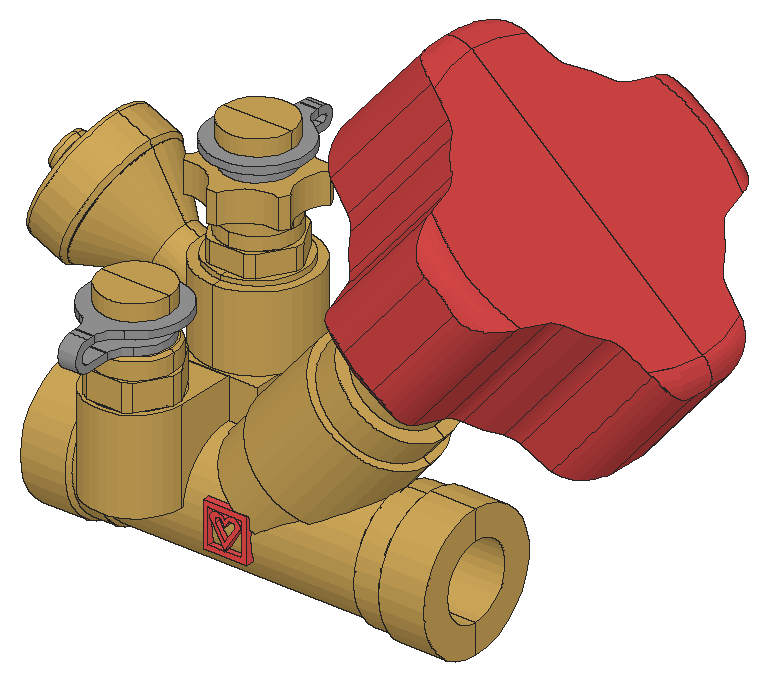
Revit family "HERZ Strömax Балансировочный клапан с измерительной диафрагмой 4017 ML", category Rohrzubehör, Revit 2018
Family settings
  Bemaßung runder Anschluss = Durchmesser verwenden
  Teiletyp = Unterbricht
  OmniClass-Nummer = 23.65.55.14
  OmniClass-Titel = Valves for Liquid Services
  Arbeitsebenenbasiert = Nein
  Immer vertikal = Ja
  Beim Laden mit Abzugskörper schneiden = Nein
  Gemeinsam genutzt = Nein
Parameters
  Среда = "Качество теплоносителя должно соответствовать требованиям ONORM H 5195, VDI 2035.\r\nДопускается использование смеси этилен- пропиленгликоля в процентном соотношении 25-50% с водой."
  Область применения = "Балансировочные клапаны применяются для гидравлической балансировки систем отопления и охлаждения, регулировки магистральных трубопроводов, стояков, теплообменников, регистров отопления и охлаждения."
  Номер заказа [instance] = size_lookup("4017_ML_", "Artnr", 0, Nennweite)  # 1401731
  Макс. рабочее давление = 2000000.0 Pa  # constant formula
  Макс. рабочая температура = 130 °C  # constant formula
  Макс. перепад давления на закрытом седле = 1000000.0 Pa  # constant formula
  Корпус = "латунь, устойчивая к селективной цинковой коррозии"  # constant formula
  Исполнение = "Балансировочный клапан ГЕРЦ 4017ML с измерительной диафрагмой и возможностью подключения импульсной трубки и двумя измерительными клапанами для измерений перепадов давления наклонный неподнимающийся шпиндель, муфта х муфта, без покрытия, фиксированная воспроизводимая предварительная настройка, показания преднастройки считываются в окошке маховика, с обеих сторон резьбовые муфты, уплотнение шпинделя при помощи тройных уплотнительных колец O-Ring."
  kvs-значения [instance] = if(Nennweite = 15.000 mm, 2, if(Nennweite = 20.000 mm, 3.6, if(Nennweite = 25.000 mm, 6.5, if(Nennweite = 32.000 mm, 13.3, if(Nennweite = 40.000 mm, 18.5, if(Nennweite = 50.000 mm, 33, 0))))))  # 2
  kv-диафрагмы [instance] = if(Nennweite = 15.000 mm, 1.95, if(Nennweite = 20.000 mm, 3.95, if(Nennweite = 25.000 mm, 7.9, if(Nennweite = 32.000 mm, 15.75, if(Nennweite = 40.000 mm, 21.5, if(Nennweite = 50.000 mm, 46.7, 0))))))  # 1.95
  W01 = 50.00°  # constant formula
  URL = "www.herz-armaturen.ru"
  SW01 = 60.00°  # constant formula
  SCRNSEQ = "ARM;ARM_TYP=\"STRV\";2"
  SCRNCODE = "05;07;02"  # constant formula
  S03 = 60.000 mm  # constant formula
  S02 [instance] = L04 + L06 + L07  # 76.800 mm
  S01 [instance] = D01 * 2  # 27.000 mm
  R03 = 21.500 mm  # constant formula
  R02 = 9.500 mm  # constant formula
  R01 = 12.000 mm  # constant formula
  L10 [instance] = size_lookup("4017_ML_", "L10", 1.000 mm, Nennweite)  # 28.500 mm
  L09 [instance] = size_lookup("4017_ML_", "L9", 1.000 mm, Nennweite)  # 22.500 mm
  L08 [instance] = size_lookup("4017_ML_", "L8", 1.000 mm, Nennweite)  # 12.700 mm
  L07 [instance] = size_lookup("4017_ML_", "L7", 1.000 mm, Nennweite)  # 35.100 mm
  L06 [instance] = size_lookup("4017_ML_", "L6", 1.000 mm, Nennweite)  # 6.500 mm
  L05 [instance] = size_lookup("4017_ML_", "L5", 1.000 mm, Nennweite)  # 20.200 mm
  L04 [instance] = size_lookup("4017_ML_", "L4", 1.000 mm, Nennweite)  # 35.200 mm
  L03 [instance] = size_lookup("4017_ML_", "L3", 1.000 mm, Nennweite)  # 1.000 mm
  H03 [instance] = H01 - 19.000 mm  # 1.000 mm
  H02 = 13.000 mm  # constant formula
  E01 [instance] = L00 / -2  # -41.500 mm
  E00 = 0.000 mm  # constant formula
  D09 [instance] = size_lookup("4017_ML_", "D9", 1.000 mm, Nennweite)  # 11.750 mm
  D08 [instance] = size_lookup("4017_ML_", "D8", 1.000 mm, Nennweite)  # 9.500 mm
  D07 [instance] = size_lookup("4017_ML_", "D7", 1.000 mm, Nennweite)  # 12.000 mm
  D06 [instance] = size_lookup("4017_ML_", "D6", 1.000 mm, Nennweite)  # 13.500 mm
  D05 [instance] = size_lookup("4017_ML_", "D5", 1.000 mm, Nennweite)  # 12.500 mm
  D04 [instance] = Nennweite / 2  # 7.500 mm
  IG [instance] = Nennweite / 2  # 7.500 mm
  D03 [instance] = size_lookup("4017_ML_", "D3", 1.000 mm, Nennweite)  # 11.900 mm
  D02 [instance] = size_lookup("4017_ML_", "D2", 1.000 mm, Nennweite)  # 12.700 mm
  D01 [instance] = size_lookup("4017_ML_", "D1", 1.000 mm, Nennweite)  # 13.500 mm
  Nennweite [instance] = 15.000 mm
  L02 [instance] = size_lookup("4017_ML_", "L2", 1.000 mm, Nennweite)  # 5.000 mm
  L01 [instance] = size_lookup("4017_ML_", "L1", 1.000 mm, Nennweite)  # 9.250 mm
  L00 [instance] = size_lookup("4017_ML_", "L", 1.000 mm, Nennweite)  # 83.000 mm
  Hersteller = "HERZ Armaturen Ges.m.b.H."  # constant formula
  H01 [instance] = size_lookup("4017_ML_", "H1", 1.000 mm, Nennweite)  # 20.000 mm
  GT [instance] = size_lookup("4017_ML_", "GT", 1.000 mm, Nennweite)  # 13.200 mm
  DN50 [instance] = Nennweite = 50.000 mm  # no
  DN40 [instance] = Nennweite = 40.000 mm  # no
  DN32 [instance] = Nennweite = 32.000 mm  # no
  DN25 [instance] = Nennweite = 25.000 mm  # no
  DN20 [instance] = Nennweite = 20.000 mm  # no
  DN15 [instance] = Nennweite = 15.000 mm  # yes
Reference planes
  plane 1 "Mitte (Vorne/hinten)": y = 0
  plane 2: z = 0
  plane 3 "Mitte (Links/rechts)": x = 0
Forms (mm)
  Revolve 1, solid, material "Messing, weicher Gelbton, geschweißt", detail levels fine
    sketch origin (470, 0, 0) x (1, 0, 0) y (0, 0, 1)
      loop
        line (-511.5, 7.5) -> (-498.3, 7.5) -> (-498.3, 0) -> (-441.7, 0) -> (-441.7, 7.5) -> (-428.5, 7.5) -> (-428.5, 13.5) -> (-437.75, 13.5) -> (-438.421, 12.7) -> (-443.421, 12.7) -> (-444.093, 11.9) -> (-495.907, 11.9) -> (-496.579, 12.7) -> (-501.579, 12.7) -> (-502.25, 13.5) -> (-511.5, 13.5) -> (-511.5, 7.5)
      axis (-511.5, 0) -> (-428.5, 0)
    angle from 0 to 360
  Revolve 2, solid, material "Messing, weicher Gelbton, geschweißt", detail levels fine
    sketch origin (0.32, 0, -0.105) x (1, 0, 0) y (0, 0, 1)
      loop
        line (-1.32, 0.105) -> (48.046, 58.937) -> (39.045, 66.49) -> (30.882, 56.761) -> (32.605, 55.315) -> (18.207, 38.155) -> (16.292, 39.762) -> (12.114, 34.783) -> (10.964, 35.747) -> (-2.02, 20.273) -> (-1.254, 19.63) -> (-7.652, 12.005) -> (-7.065, 4.926) -> (-1.32, 0.105)
      axis (-1.32, 0.105) -> (48.046, 58.937)
    angle from 0 to 360
  Extrusion 3, solid, material "Messing, weicher Gelbton, geschweißt", detail levels fine
    sketch origin (0, 0, 0) x (1, 0, 0) y (0, 1, 0)
      loop
        arc (-28.5, -12) -> (-19, -21.5) -> (-9.5, -12) r 9.5
        line (-9.5, -12) -> (-9.5, 0) -> (-28.5, 0) -> (-28.5, -12)
    from 1 <- "H03" to 20 <- "H01"
  Extrusion 4, solid, material "Messing, weicher Gelbton, geschweißt", detail levels fine
    sketch origin (0, 0, 0) x (1, 0, 0) y (0, 1, 0)
      loop
        line (-22.5, 12) -> (-22.5, 0) -> (-3.5, 0) -> (-3.5, 12)
        arc (-3.5, 12) -> (-13, 21.5) -> (-22.5, 12) r 9.5
    from 0 to 20 <- "H01"
  Extrusion 5, void
    sketch origin (0, 0, 0) x (1, 0, 0) y (0, 0, 1)
      loop
        line (55, 0) -> (80, 0) -> (80, 73) -> (55, 73) -> (55, 0)
    from 55 to -55
Cuts and joins
  Extrusion 5 cuts Revolve 2
Lines and regions (mm)
  model lines, detail levels coarse+medium
    curve 1: line (-41.5, 0, 13.5) -> (-41.5, 0, -13.5)
    curve 2: line (-41.5, 0, -13.5) -> (41.5, 0, 13.5)
    curve 3: line (41.5, 0, 13.5) -> (41.5, 0, -13.5)
    curve 4: line (41.5, 0, -13.5) -> (-41.5, 0, 13.5)
    curve 5: line (0, 0, 0) -> (38.4, 0, 66.511)
    curve 6: line (12.419, 0, 81.511) -> (64.381, 0, 51.511)
    curve 7: line (-41.5, -13.5, 0) -> (-41.5, 13.5, 0)
    curve 8: line (-41.5, 13.5, 0) -> (41.5, -13.5, 0)
    curve 9: line (41.5, -13.5, 0) -> (41.5, 13.5, 0)
    curve 10: line (41.5, 13.5, 0) -> (-41.5, -13.5, 0)
    curve 11: line (0, 0, 0) -> (38.4, 66.511, 0)
    curve 12: line (12.419, 81.511, 0) -> (64.381, 51.511, 0)
Dimensions and locks
  "L00": Revolve 1 sketch curve to Revolve 1 sketch curve
  equal spacing: Revolve 1 sketch curve, plane 3 "Mitte (Links/rechts)", Revolve 1 sketch curve
  "D01": Revolve 1 sketch curve to Revolve 1 sketch curve  (x2)
  "GT": Revolve 1 sketch curve to Revolve 1 sketch curve  (x2)
  "D06": Revolve 2 sketch curve to Revolve 2 sketch curve
  "D07": Revolve 2 sketch curve to Revolve 2 sketch curve
  "D08": Revolve 2 sketch curve to Revolve 2 sketch curve
  "D09": Revolve 2 sketch curve to Revolve 2 sketch curve
  equal spacing: curve 1, plane 3 "Mitte (Links/rechts)", curve 3
  "L00": curve 1 to curve 3
  equal spacing: curve 4, plane 2, curve 2
  "S01": curve 4 to curve 1
  "S01": curve 3 to curve 4
  equal spacing: curve 3, plane 2, curve 4
  "S02": curve 5 to curve 5
  equal spacing: curve 6, curve 5, curve 6
  "S03": curve 6 to curve 6
  equal spacing: curve 7, plane 3 "Mitte (Links/rechts)", curve 9
  "L00": curve 7 to curve 9
  equal spacing: curve 10, plane 1 "Mitte (Vorne/hinten)", curve 8
  "S01": curve 8 to curve 10
  equal spacing: curve 9, plane 1 "Mitte (Vorne/hinten)", curve 10
  "S01": curve 10 to curve 9
  "S02": curve 11 to curve 11
  equal spacing: curve 12, curve 11, curve 12
  "S03": curve 12 to curve 12
  "L01": Revolve 1 sketch curve to Revolve 1 sketch curve  (x2)
  "D02": Revolve 1 sketch curve to plane 2  (x2)
  "D03": Revolve 1 sketch curve to plane 2
  "IG": Revolve 1 sketch curve to plane 2  (x2)
  "L02": Revolve 1 sketch curve to Revolve 1 sketch curve  (x2)
  "L04": Revolve 2 sketch curve to Revolve 2 sketch curve
  "L05": Revolve 2 sketch curve to Revolve 2 sketch curve
  "D03": Revolve 2 sketch curve to plane 2
  "L06": Revolve 2 sketch curve to Revolve 2 sketch curve
  "L08": Revolve 2 sketch curve to Revolve 2 sketch curve
  "L07": Revolve 2 sketch curve to Revolve 2 sketch curve
  "D04": Revolve 2 sketch curve to Revolve 2 sketch curve
  "D05": Revolve 2 sketch curve to Revolve 2 sketch curve
  "L03": plane 3 "Mitte (Links/rechts)" to Revolve 2 sketch curve  (x2)
  "D03": nested 1 to plane 1 "Mitte (Vorne/hinten)"
  "L09": Revolve 1 to Extrusion 3 sketch curve
  "R01": Extrusion 3 sketch curve to plane 1 "Mitte (Vorne/hinten)"
  "R01": plane 1 "Mitte (Vorne/hinten)" to Extrusion 4 sketch curve
  "L10": Revolve 1 to Extrusion 4 sketch curve
  "H01": nested 2 to plane 2
  "R01": nested 2 to plane 1 "Mitte (Vorne/hinten)"
  "L09": Revolve 1 to nested 2
  Extrusion 5 sketch curve to plane 3 "Mitte (Links/rechts)" = 55.000 mm
  Extrusion 5 sketch curve to Extrusion 5 sketch curve = 25.000 mm
  Extrusion 5 sketch curve to plane 2 = 73.000 mm
  "L10": Revolve 1 to nested 9
  "R01": plane 1 "Mitte (Vorne/hinten)" to nested 9
  "H01": nested 9 to plane 2
  "R02": radius of Extrusion 3 sketch curve
  "R02": radius of Extrusion 4 sketch curve
  "W01": angle level to Revolve 2 sketch curve
  "SW01": angle plane 2 to curve 5
  "SW01": angle plane 1 "Mitte (Vorne/hinten)" to curve 11
  "W01": angle Revolve 1 sketch curve to Revolve 1 sketch curve  (x4)
  "W01": angle plane 2 to Revolve 2 sketch curve
  aligned and locked: level to plane 2
Automatic sketch dimensions
  Extrusion 5 sketch curve to level = 0.000 mm
  curve 5 to level = 0.000 mm
  plane 1 "Mitte (Vorne/hinten)" to curve 11 = 0.000 mm
  Revolve 1 sketch curve to level = 0.000 mm  (x2)
  Revolve 1 sketch curve to Revolve 1 sketch curve = 791.990 mm
  Revolve 1 sketch curve to Revolve 1 sketch curve = 2278.983 mm
  Revolve 2 sketch curve to level = 0.000 mm  (x2)
  plane 1 "Mitte (Vorne/hinten)" to Extrusion 3 sketch curve = 0.000 mm
  plane 1 "Mitte (Vorne/hinten)" to Extrusion 4 sketch curve = 0.000 mm
Nested families
  nested 1: "Herz-Logo-vorne" at (0, -11.9, 0) x (0, 1, 0) z (0, 0, 1), type "Herz-Logo-vorne", detail levels fine
  nested 2: "Messstutzen_Band_Eintritt_senkrecht_(oben)" at (-19, -12, 2.5) x (-1, 0, 0) z (0, 0, 1), type "Messstutzen_Band_Eintritt_senkrecht_(oben)", detail levels fine
    with Schutzkappe yes, Nennweite 0.000 mm, Gewicht 0.00 kg, Bestellnummer 0
  nested 3: "Strangregulierventil-Handrad (Rot) DN15-DN32" at (48.366, 0, 58.832), visible <- "DN15", type "Strangregulierventil-Handrad (Rot) DN15-DN32"
    with Nennweite 0.000 mm, Gewicht 0.00 kg, Bestellnummer 0
  nested 4: "Strangregulierventil-Handrad (Rot) DN15-DN32" at (50.13, 0, 62.126), visible <- "DN20", type "Strangregulierventil-Handrad (Rot) DN15-DN32"
    with Nennweite 0.000 mm, Gewicht 0.00 kg, Bestellnummer 0
  nested 5: "Strangregulierventil-Handrad (Rot) DN15-DN32" at (55.886, 0, 73.157), visible <- "DN25", type "Strangregulierventil-Handrad (Rot) DN15-DN32"
    with Nennweite 0.000 mm, Gewicht 0.00 kg, Bestellnummer 0
  nested 6: "Strangregulierventil-Handrad (Rot) DN15-DN32" at (60.493, 0, 82.58), visible <- "DN32", type "Strangregulierventil-Handrad (Rot) DN15-DN32"
    with Nennweite 0.000 mm, Gewicht 0.00 kg, Bestellnummer 0
  nested 7: "Strangregulierventil-Handrad (Rot) DN40-DN50" at (68.72, 0, 95.602), visible <- "DN40", type "Strangregulierventil-Handrad (Rot) DN40-DN50"
    with Nennweite 0.000 mm, Gewicht 0.00 kg, Bestellnummer 0
  nested 8: "Strangregulierventil-Handrad (Rot) DN40-DN50" at (66.762, 0, 99.586), visible <- "DN50", type "Strangregulierventil-Handrad (Rot) DN40-DN50"
    with Nennweite 0.000 mm, Gewicht 0.00 kg, Bestellnummer 0
  nested 9: "Messstutzen_Band-KFE_Austritt_senkrecht_(oben)" at (-13, 12, 24.41), type "Messstutzen_Band-KFE_Austritt_senkrecht_(oben)", detail levels fine
    with Schutzkappe yes, Nennweite 0.000 mm, Gewicht 0.00 kg, Bestellnummer 0
Connectors
  piping at (-28.3, 0, 0), diameter 15, driven by "Nennweite"
    settings: on Revolve 1, index 1, connector inside diameter 609.6 mm, connector length 0.000 mm, flow factor 0, pipe flow 0.0 L/s, pressure drop 0.0 Pa, fitting loss kfactor 0, connector angle 0.00°, fixture units 0, engagement length 0.000 mm, angle of deflection 0.00°, flow configuration 0, flow direction 1, fitting loss method 0, system type 29, joint type 0, gender type 0, connector reference index -1, connector utility 0, adjustable connector no, is connector primary yes, connector description ""
  piping at (28.3, 0, 0), diameter 15, driven by "Nennweite"
    settings: on Revolve 1, index 2, connector inside diameter 609.6 mm, connector length 0.000 mm, flow factor 0, pipe flow 0.0 L/s, pressure drop 0.0 Pa, fitting loss kfactor 0, connector angle 0.00°, fixture units 0, engagement length 0.000 mm, angle of deflection 0.00°, flow configuration 0, flow direction 2, fitting loss method 0, system type 29, joint type 0, gender type 0, connector reference index -1, connector utility 0, adjustable connector no, is connector primary no, connector description ""
Definition of nested family "Herz-Logo-vorne"
  Reference planes
    plane 1 "Mitte (Vorne/hinten)": y = 0
    plane 2: z = 0
    plane 3 "Mitte (Links/rechts)": x = 0
  Forms (mm)
    Extrusion 1, solid
      sketch origin (0.732, -0.018, 0.017) x (0, -1, 0) y (0, 0, 1)
        loop
          line (-0.018, -4.517) -> (4.482, -4.517) -> (4.482, 4.483) -> (-4.518, 4.483) -> (-4.518, -4.517) -> (-0.018, -4.517)
        loop
          line (-0.05, -3.48) -> (3.482, -3.48) -> (3.482, 3.483) -> (-3.518, 3.483) -> (-3.518, -3.48) -> (-0.05, -3.48)
        loop
          arc (-0.018, 2.383) -> (-1.543, 3.287) -> (-3.067, 2.383) r 1.738
          arc (-3.067, 2.383) -> (-3.191, 1.899) -> (-3.067, 1.415) r 1.009
          line (-3.067, 1.415) -> (-0.018, -3.281) -> (3.032, 1.415)
          arc (3.032, 1.415) -> (3.156, 1.899) -> (3.032, 2.383) r 1.009
          arc (3.032, 2.383) -> (1.507, 3.287) -> (-0.018, 2.383) r 1.738
        loop
          arc (1.885, 1.272) -> (2.005, 1.675) -> (1.885, 2.079) r 0.74
          arc (1.885, 2.079) -> (1.265, 2.416) -> (0.644, 2.079) r 0.74
          line (0.644, 2.079) -> (-0.018, 0.97) -> (-0.679, 2.079)
          arc (-0.679, 2.079) -> (-1.3, 2.416) -> (-1.921, 2.079) r 0.74
          arc (-1.921, 2.079) -> (-2.04, 1.675) -> (-1.921, 1.272) r 0.74
          line (-1.921, 1.272) -> (-0.018, -1.658) -> (1.885, 1.272)
      from 0 to 1.5
  Dimensions and locks
    aligned and locked: level to plane 2
Definition of nested family "Messstutzen_Band_Eintritt_senkrecht_(oben)"
  Parameters (values of type "Messstutzen_Band_Eintritt_senkrecht_(oben)")
    URL = "www.herz-armaturen.at"
    Schutzkappe [instance] = yes
    Nennweite [instance] = 0.000 mm
    Manufacturer = "Herz Armaturen GmbH"  # constant formula
    Gewicht [instance] = 0.00 kg
    Bestellnummer [instance] = 0
  Reference planes
    plane 1 "Mitte (Vorne/hinten)": y = 0
    plane 2: z = 0
    plane 3 "Mitte (Links/rechts)": x = 0
    plane 4 "Schlaufe 1": z = -27
    plane 5 "Schlaufe 2": z = -31.678
  Forms (mm)
    Revolve 1, solid, detail levels fine
      sketch origin (0, 0, 0) x (1, 0, 0) y (0, 0, 1)
        loop
          line (-7.4, 9) -> (-5.55, 9) -> (-5.55, 6)
          arc (-5.55, 6) -> (-5.626, 5.617) -> (-5.843, 5.293) r 1
          line (-5.843, 5.293) -> (-6.455, 4.681) -> (-6.455, 0.9) -> (-5.555, 0) -> (-2, 0) -> (-2, 17.5) -> (-8.4, 17.5)
          arc (-8.4, 17.5) -> (-7.693, 17.207) -> (-7.4, 16.5) r 1
          line (-7.4, 16.5) -> (-7.4, 9)
        loop
          line (-3.7, 27) -> (-7.3, 27) -> (-7.9, 26.4) -> (-7.9, 23) -> (-2, 23) -> (-2, 35.8) -> (-3.805, 35.8) -> (-4.415, 35.19) -> (-4.415, 30.863) -> (-3.7, 30.45) -> (-3.7, 27)
        axis (0, 0) -> (0, 35.8)
      angle from 0 to 360
    Extrusion 2, solid, detail levels fine
      sketch origin (0, 0, 17.5) x (0, 1, 0) y (-1, 0, 0)
        loop
          arc (-7.07, 5.156) -> (-7.578, 4.375) -> (-8, 3.544) r 8.75
          line (-8, 3.544) -> (-8, -3.544)
          arc (-8, -3.544) -> (-7.578, -4.375) -> (-7.07, -5.156) r 8.75
          line (-7.07, -5.156) -> (-0.93, -8.7)
          arc (-0.93, -8.7) -> (0, -8.75) -> (0.93, -8.7) r 8.75
          line (0.93, -8.7) -> (7.07, -5.156)
          arc (7.07, -5.156) -> (7.578, -4.375) -> (8, -3.544) r 8.75
          line (8, -3.544) -> (8, 3.544)
          arc (8, 3.544) -> (7.578, 4.375) -> (7.07, 5.156) r 8.75
          line (7.07, 5.156) -> (0.93, 8.7)
          arc (0.93, 8.7) -> (0, 8.75) -> (-0.93, 8.7) r 8.75
          line (-0.93, 8.7) -> (-7.07, 5.156)
      from 0 to 5.5
    Revolve 3, solid, visible <- "Schutzkappe", detail levels fine
      sketch origin (0, 0, 0) x (1, 0, 0) y (0, 0, 1)
        loop
          line (0, 35.878) -> (0, 36.678) -> (-7, 36.678) -> (-7, 33.378) -> (-6.1, 33.378) -> (-6.1, 31.678) -> (-6.9, 31.678) -> (-6.9, 30.178) -> (-4.415, 30.178) -> (-4.415, 35.268) -> (-3.805, 35.878) -> (0, 35.878)
        axis (0, 30.178) -> (0, 36.678)
      angle from 0 to 360
    Extrusion 4, solid, detail levels fine
      sketch origin (0, 0, 28.5) x (1, 0, 0) y (0, 1, 0)
        loop
          circle (0, 0) r 3.7
        loop
          arc (-3.906, 5.505) -> (0, -6.75) -> (3.906, 5.505) r 6.75
          arc (3.906, 5.505) -> (2.358, 7.288) -> (1.8, 9.582) r 5
          line (1.8, 9.582) -> (-1.8, 9.582)
          arc (-1.8, 9.582) -> (-2.358, 7.288) -> (-3.906, 5.505) r 5
      from 0 to -1.5
    Extrusion 5, solid, detail levels fine
      sketch origin (0, 0, 33.178) x (1, 0, 0) y (0, 1, 0)
        loop
          circle (0, 0) r 6.1
        loop
          arc (-4.495, 8.652) -> (0, -9.75) -> (4.495, 8.652) r 9.75
          arc (4.495, 8.652) -> (2.527, 10.493) -> (1.8, 13.089) r 5
          line (1.8, 13.089) -> (-1.8, 13.089)
          arc (-1.8, 13.089) -> (-2.527, 10.493) -> (-4.495, 8.652) r 5
      from 0 to -1.5
    Sweep 6, solid, detail levels fine
      path origin (0, 0, 0) x (0, 0, -1) y (0, -1, 0)
        loop
          line (-27.75, -9.582) -> (-27.75, -14.522)
          arc (-27.75, -14.522) -> (-30.089, -16.862) -> (-32.428, -14.522) r 2.339
          line (-32.428, -14.522) -> (-32.428, -13.089)
      profile origin (0, 12.052, 27.75) x (0, 0, 1) y (1, 0, 0)
        loop
          line (-0.75, -1.8) -> (0.75, -1.8) -> (0.75, 1.8) -> (-0.75, 1.8) -> (-0.75, -1.8)
  Dimensions and locks
    aligned and locked: level to plane 2
Definition of nested family "Strangregulierventil-Handrad (Rot) DN15-DN32"
  Parameters (values of type "Strangregulierventil-Handrad (Rot) DN15-DN32")
    URL = "www.herz-armaturen.at"
    Nennweite [instance] = 0.000 mm
    Manufacturer = "Herz Armaturen GmbH"  # constant formula
    Gewicht [instance] = 0.00 kg
    Bestellnummer [instance] = 0
  Reference planes
    plane 1 "Mitte (Vorne/hinten)": y = 0
    plane 2: z = 0
    plane 3 "Mitte (Links/rechts)": x = 0
  Forms (mm)
    Revolve 1, solid, detail levels fine
      sketch origin (0, 0, 0) x (0.766044, 0, -0.642788) y (0.642788, 0, 0.766044)
        loop
          line (0, 0) -> (0, 24.95) -> (-30.992, 24.95)
          arc (-30.992, 24.95) -> (-34.37, 23.636) -> (-35.973, 20.386) r 5
          line (-35.973, 20.386) -> (-37, 8.65) -> (-35.986, -2.936)
          arc (-35.986, -2.936) -> (-34.383, -6.186) -> (-31.005, -7.5) r 5
          line (-31.005, -7.5) -> (-15, -7.5) -> (-15, 0) -> (0, 0)
        axis (0, 24.95) -> (0, -7.5)
      angle from 0 to 360
    Extrusion 2, void
      sketch origin (13.049, 0, 15.551) x (0.766044, 0, -0.642788) y (0, 1, 0)
        loop
          line (3.861, 35.5) -> (-3.861, 35.5)
          arc (-3.861, 35.5) -> (-8.731, 33.847) -> (-11.589, 29.571) r 8
          line (-11.589, 29.571) -> (-13.284, 23.245)
          arc (-13.284, 23.245) -> (-13.982, 21.722) -> (-15.144, 20.516) r 5
          arc (-15.144, 20.516) -> (-18.031, 18.031) -> (-20.516, 15.144) r 25.5
          arc (-20.516, 15.144) -> (-21.722, 13.982) -> (-23.245, 13.284) r 5
          line (-23.245, 13.284) -> (-29.571, 11.589)
          arc (-29.571, 11.589) -> (-33.847, 8.731) -> (-35.5, 3.861) r 8
          line (-35.5, 3.861) -> (-35.5, -3.861)
          arc (-35.5, -3.861) -> (-33.847, -8.731) -> (-29.571, -11.589) r 8
          line (-29.571, -11.589) -> (-23.245, -13.284)
          arc (-23.245, -13.284) -> (-21.722, -13.982) -> (-20.516, -15.144) r 5
          arc (-20.516, -15.144) -> (-18.031, -18.031) -> (-15.144, -20.516) r 25.5
          arc (-15.144, -20.516) -> (-13.982, -21.722) -> (-13.284, -23.245) r 5
          line (-13.284, -23.245) -> (-11.589, -29.571)
          arc (-11.589, -29.571) -> (-8.731, -33.847) -> (-3.861, -35.5) r 8
          line (-3.861, -35.5) -> (3.861, -35.5)
          arc (3.861, -35.5) -> (8.731, -33.847) -> (11.589, -29.571) r 8
          line (11.589, -29.571) -> (13.284, -23.245)
          arc (13.284, -23.245) -> (13.982, -21.722) -> (15.144, -20.516) r 5
          arc (15.144, -20.516) -> (18.031, -18.031) -> (20.516, -15.144) r 25.5
          arc (20.516, -15.144) -> (21.722, -13.982) -> (23.245, -13.284) r 5
          line (23.245, -13.284) -> (29.571, -11.589)
          arc (29.571, -11.589) -> (33.847, -8.731) -> (35.5, -3.861) r 8
          line (35.5, -3.861) -> (35.5, 3.861)
          arc (35.5, 3.861) -> (33.847, 8.731) -> (29.571, 11.589) r 8
          line (29.571, 11.589) -> (23.245, 13.284)
          arc (23.245, 13.284) -> (21.722, 13.982) -> (20.516, 15.144) r 5
          arc (20.516, 15.144) -> (18.031, 18.031) -> (15.144, 20.516) r 25.5
          arc (15.144, 20.516) -> (13.982, 21.722) -> (13.284, 23.245) r 5
          line (13.284, 23.245) -> (11.589, 29.571)
          arc (11.589, 29.571) -> (8.731, 33.847) -> (3.861, 35.5) r 8
        loop
          circle (0, 0) r 38
      from -31.266 to 7.923
  Cuts and joins
    Extrusion 2 cuts Revolve 1
  Dimensions and locks
    Revolve 1 sketch curve to Revolve 1 sketch curve = 15.000 mm
    Revolve 1 sketch curve to Revolve 1 sketch curve = 16.150 mm
    Revolve 1 sketch curve to Revolve 1 sketch curve = 16.300 mm
    angle Revolve 1 sketch curve to Revolve 1 sketch curve = 95.00°
    aligned and locked: level to plane 2
Definition of nested family "Strangregulierventil-Handrad (Rot) DN40-DN50"
  Parameters (values of type "Strangregulierventil-Handrad (Rot) DN40-DN50")
    URL = "www.herz-armaturen.at"
    Nennweite [instance] = 0.000 mm
    Manufacturer = "Herz Armaturen GmbH"  # constant formula
    Gewicht [instance] = 0.00 kg
    Bestellnummer [instance] = 0
  Reference planes
    plane 1 "Mitte (Vorne/hinten)": y = 0
    plane 2: z = 0
    plane 3 "Mitte (Links/rechts)": x = 0
  Forms (mm)
    Revolve 1, solid, detail levels fine
      sketch origin (0, 0, 0) x (0.766044, 0, -0.642788) y (0.642788, 0, 0.766044)
        loop
          line (0, 0) -> (0, 24.95) -> (-50.992, 24.95)
          arc (-50.992, 24.95) -> (-54.37, 23.636) -> (-55.973, 20.386) r 5
          line (-55.973, 20.386) -> (-57, 8.65) -> (-55.986, -2.936)
          arc (-55.986, -2.936) -> (-54.383, -6.186) -> (-51.005, -7.5) r 5
          line (-51.005, -7.5) -> (-15, -7.5) -> (-15, 0) -> (0, 0)
        axis (0, 24.95) -> (0, -7.5)
      angle from 0 to 360
    Extrusion 2, void
      sketch origin (13.049, 0, 15.551) x (0.766044, 0, -0.642788) y (0, 1, 0)
        loop
          line (-55, 6.292) -> (-55, -6.292)
          arc (-55, -6.292) -> (-52.52, -13.597) -> (-46.106, -17.883) r 12
          line (-46.106, -17.883) -> (-35.399, -20.752)
          arc (-35.399, -20.752) -> (-33.541, -21.612) -> (-32.08, -23.047) r 6
          arc (-32.08, -23.047) -> (-27.931, -27.931) -> (-23.047, -32.08) r 39.5
          arc (-23.047, -32.08) -> (-21.612, -33.541) -> (-20.752, -35.399) r 6
          line (-20.752, -35.399) -> (-17.883, -46.106)
          arc (-17.883, -46.106) -> (-13.597, -52.52) -> (-6.292, -55) r 12
          line (-6.292, -55) -> (6.292, -55)
          arc (6.292, -55) -> (13.597, -52.52) -> (17.883, -46.106) r 12
          line (17.883, -46.106) -> (20.752, -35.399)
          arc (20.752, -35.399) -> (21.612, -33.541) -> (23.047, -32.08) r 6
          arc (23.047, -32.08) -> (27.931, -27.931) -> (32.08, -23.047) r 39.5
          arc (32.08, -23.047) -> (33.541, -21.612) -> (35.399, -20.752) r 6
          line (35.399, -20.752) -> (46.106, -17.883)
          arc (46.106, -17.883) -> (52.52, -13.597) -> (55, -6.292) r 12
          line (55, -6.292) -> (55, 6.292)
          arc (55, 6.292) -> (52.52, 13.597) -> (46.106, 17.883) r 12
          line (46.106, 17.883) -> (35.399, 20.752)
          arc (35.399, 20.752) -> (33.541, 21.612) -> (32.08, 23.047) r 6
          arc (32.08, 23.047) -> (27.931, 27.931) -> (23.047, 32.08) r 39.5
          arc (23.047, 32.08) -> (21.612, 33.541) -> (20.752, 35.399) r 6
          line (20.752, 35.399) -> (17.883, 46.106)
          arc (17.883, 46.106) -> (13.597, 52.52) -> (6.292, 55) r 12
          line (6.292, 55) -> (-6.292, 55)
          arc (-6.292, 55) -> (-13.597, 52.52) -> (-17.883, 46.106) r 12
          line (-17.883, 46.106) -> (-20.752, 35.399)
          arc (-20.752, 35.399) -> (-21.612, 33.541) -> (-23.047, 32.08) r 6
          arc (-23.047, 32.08) -> (-27.931, 27.931) -> (-32.08, 23.047) r 39.5
          arc (-32.08, 23.047) -> (-33.541, 21.612) -> (-35.399, 20.752) r 6
          line (-35.399, 20.752) -> (-46.106, 17.883)
          arc (-46.106, 17.883) -> (-52.52, 13.597) -> (-55, 6.292) r 12
        loop
          circle (0, 0) r 60
      from -31.161 to 7.489
  Cuts and joins
    Extrusion 2 cuts Revolve 1
  Dimensions and locks
    Revolve 1 sketch curve to Revolve 1 sketch curve = 15.000 mm
    Revolve 1 sketch curve to Revolve 1 sketch curve = 16.150 mm
    Revolve 1 sketch curve to Revolve 1 sketch curve = 16.300 mm
    Revolve 1 sketch curve to Revolve 1 sketch curve = 57.000 mm
    angle Revolve 1 sketch curve to Revolve 1 sketch curve = 95.00°
    aligned and locked: level to plane 2
Definition of nested family "Messstutzen_Band-KFE_Austritt_senkrecht_(oben)"
  Parameters (values of type "Messstutzen_Band-KFE_Austritt_senkrecht_(oben)")
    URL = "www.herz-armaturen.at"
    Schutzkappe [instance] = yes
    Nennweite [instance] = 0.000 mm
    Manufacturer = "Herz Armaturen GmbH"  # constant formula
    Gewicht [instance] = 0.00 kg
    Bestellnummer [instance] = 0
  Reference planes
    plane 1 "Mitte (Vorne/hinten)": y = 0
    plane 2: z = 0
    plane 3 "Mitte (Links/rechts)": x = 0
  Forms (mm)
    Revolve 1, solid, detail levels fine
      sketch origin (0, 0, 0) x (1, 0, 0) y (0, 0, 1)
        loop
          line (-7.4, 9) -> (-5.55, 9) -> (-5.55, 6)
          arc (-5.55, 6) -> (-5.626, 5.617) -> (-5.843, 5.293) r 1
          line (-5.843, 5.293) -> (-6.455, 4.681) -> (-6.455, 0.9) -> (-5.555, 0) -> (-2, 0) -> (-2, 23) -> (-2, 35.8) -> (-3.805, 35.8) -> (-4.415, 35.19) -> (-4.415, 30.863) -> (-3.7, 30.45) -> (-3.7, 27) -> (-7.4, 27) -> (-7.4, 9)
        axis (0, 0) -> (0, 35.8)
      angle from 0 to 360
    Extrusion 2, solid, detail levels fine
      sketch origin (0, 0, 17.5) x (0, 1, 0) y (-1, 0, 0)
        loop
          arc (-7.07, 5.156) -> (-7.578, 4.375) -> (-8, 3.544) r 8.75
          line (-8, 3.544) -> (-8, -3.544)
          arc (-8, -3.544) -> (-7.578, -4.375) -> (-7.07, -5.156) r 8.75
          line (-7.07, -5.156) -> (-0.93, -8.7)
          arc (-0.93, -8.7) -> (0, -8.75) -> (0.93, -8.7) r 8.75
          line (0.93, -8.7) -> (7.07, -5.156)
          arc (7.07, -5.156) -> (7.578, -4.375) -> (8, -3.544) r 8.75
          line (8, -3.544) -> (8, 3.544)
          arc (8, 3.544) -> (7.578, 4.375) -> (7.07, 5.156) r 8.75
          line (7.07, 5.156) -> (0.93, 8.7)
          arc (0.93, 8.7) -> (0, 8.75) -> (-0.93, 8.7) r 8.75
          line (-0.93, 8.7) -> (-7.07, 5.156)
      from -5.51 to -1.21
    Revolve 3, solid, visible <- "Schutzkappe", detail levels fine
      sketch origin (0, 0, 0) x (1, 0, 0) y (0, 0, 1)
        loop
          line (0, 35.878) -> (0, 36.678) -> (-7, 36.678) -> (-7, 33.378) -> (-6.1, 33.378) -> (-6.1, 31.678) -> (-6.9, 31.678) -> (-6.9, 30.178) -> (-4.415, 30.178) -> (-4.415, 35.268) -> (-3.805, 35.878) -> (0, 35.878)
        axis (0, 30.178) -> (0, 36.678)
      angle from 0 to 360
    Extrusion 4, solid, detail levels fine
      sketch origin (0, 0, 30) x (1, 0, 0) y (0, 1, 0)
        loop
          circle (0, 0) r 3.7
        loop
          arc (-3.906, 5.505) -> (0, -6.75) -> (3.906, 5.505) r 6.75
          arc (3.906, 5.505) -> (2.358, 7.288) -> (1.8, 9.582) r 5
          line (1.8, 9.582) -> (-1.8, 9.582)
          arc (-1.8, 9.582) -> (-2.358, 7.288) -> (-3.906, 5.505) r 5
      from 0 to -1.5
    Extrusion 5, solid, detail levels fine
      sketch origin (0, 0, 33.178) x (1, 0, 0) y (0, 1, 0)
        loop
          circle (0, 0) r 6.1
        loop
          arc (-4.495, 8.652) -> (0, -9.75) -> (4.495, 8.652) r 9.75
          arc (4.495, 8.652) -> (2.527, 10.493) -> (1.8, 13.089) r 5
          line (1.8, 13.089) -> (-1.8, 13.089)
          arc (-1.8, 13.089) -> (-2.527, 10.493) -> (-4.495, 8.652) r 5
      from 0 to -1.5
    Sweep 6, solid, detail levels fine
      path origin (0, 0, 0) x (0, 0, -1) y (0, -1, 0)
        loop
          line (-29.25, -9.582) -> (-29.25, -14.522)
          arc (-29.25, -14.522) -> (-30.839, -16.112) -> (-32.428, -14.522) r 1.589
          line (-32.428, -14.522) -> (-32.428, -13.089)
      profile origin (0, 12.052, 29.25) x (0, 0, 1) y (1, 0, 0)
        loop
          line (-0.75, -1.8) -> (0.75, -1.8) -> (0.75, 1.8) -> (-0.75, 1.8) -> (-0.75, -1.8)
    Extrusion 7, solid, detail levels fine
      sketch origin (-101.196, 0, 0) x (1, 0, 0) y (0, 1, 0)
        loop
          arc (112.053, 5.113) -> (111.589, 6) -> (111.053, 6.845) r 12
          arc (111.053, 6.845) -> (105.696, 7.794) -> (102.196, 11.958) r 7.971
          arc (102.196, 11.958) -> (101.196, 12) -> (100.196, 11.958) r 12
          arc (100.196, 11.958) -> (96.696, 7.794) -> (91.34, 6.845) r 7.971
          arc (91.34, 6.845) -> (90.804, 6) -> (90.34, 5.113) r 12
          arc (90.34, 5.113) -> (92.196, 0) -> (90.34, -5.113) r 7.971
          arc (90.34, -5.113) -> (90.804, -6) -> (91.34, -6.845) r 12
          arc (91.34, -6.845) -> (96.696, -7.794) -> (100.196, -11.958) r 7.971
          arc (100.196, -11.958) -> (101.196, -12) -> (102.196, -11.958) r 12
          arc (102.196, -11.958) -> (105.696, -7.794) -> (111.053, -6.845) r 7.971
          arc (111.053, -6.845) -> (111.589, -6) -> (112.053, -5.113) r 12
          arc (112.053, -5.113) -> (110.196, 0) -> (112.053, 5.113) r 7.971
      from 22.3 to 28.5
    Revolve 8, solid, detail levels fine
      sketch origin (0, 43.374, -20) x (0, 1, 0) y (0, 0, 1)
        loop
          line (-43.374, 0) -> (-37.874, 0) -> (-36.774, 1.1) -> (-36.774, 4.9) -> (-37.874, 6) -> (-37.874, 8.4) -> (-36.424, 8.4) -> (-36.424, 9.2) -> (-34.424, 9.2) -> (-34.424, 15.59) -> (-31.874, 15.59) -> (-31.874, 30.99) -> (-33.874, 30.99) -> (-33.874, 31.99) -> (-43.374, 31.99) -> (-43.374, 0)
        loop
          line (-43.374, 39) -> (-43.374, 36.29) -> (-35.874, 36.29) -> (-35.874, 39) -> (-43.374, 39)
        axis (-43.374, 39) -> (-43.374, 0)
      angle from 0 to 360
    Revolve 9, solid, detail levels fine
      sketch origin (0, 0, 0) x (-1, 0, 0) y (0, 0, 1)
        loop
          line (0, -1.01) -> (32.627, 14.204) -> (27.556, 25.08) -> (25.934, 25.67) -> (21.602, 23.65) -> (14.873, 11.994) -> (-2.324, 3.975) -> (0, -1.01)
        axis (32.627, 14.204) -> (0, -1.01)
      angle from 0 to 360
    Revolve 10, solid, detail levels fine
      sketch origin (-51.188, 0, -39.797) x (-0.422618, 0, -0.906308) y (-0.906308, 0, 0.422618)
        loop
          line (-56.786, 8) -> (-45.747, 8) -> (-45.747, 0) -> (-43.834, 0) -> (-42.786, 1.048) -> (-42.786, 8.048)
          arc (-42.786, 8.048) -> (-43.065, 8.721) -> (-43.738, 9) r 0.952
          line (-43.738, 9) -> (-52.974, 9)
          arc (-52.974, 9) -> (-53.548, 9.238) -> (-53.786, 9.812) r 0.812
          line (-53.786, 9.812) -> (-53.786, 12) -> (-52.786, 12) -> (-52.786, 13.03)
          arc (-52.786, 13.03) -> (-53.07, 13.716) -> (-53.756, 14) r 0.97
          line (-53.756, 14) -> (-56.786, 14) -> (-56.786, 8)
        axis (-56.786, 14) -> (-56.786, 0)
      angle from 0 to 360
  Dimensions and locks
    aligned and locked: level to plane 2
